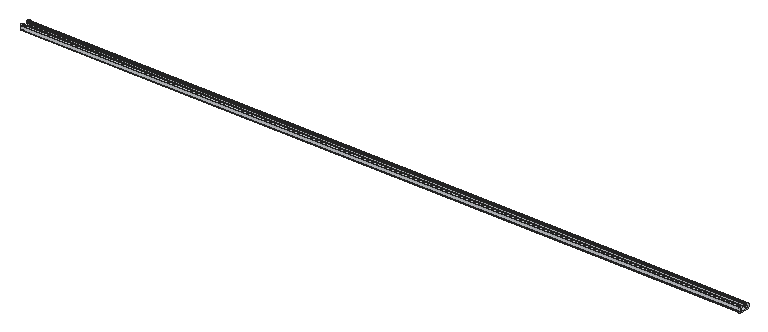
Revit family "Channel-Atkore-P3300_HS", category Specialty Equipment, Revit 2013
Parameters (values of type "P3300 HS")
  ecoScorecard_data = ""
  ecoScorecard Product Page = ""
  Weight Per Foot = 1.30 lbf/ft
  Unit = none
  URL = "http://unistrut.us/index.php"
  Subcategory = "1 5/8\" Channels"
  Product Page URL = "http://unistrut.us/index.php?WP=cat_detail&S=S05&P=P3300hs"
  Part Type = "Channel"  # constant formula
  Part Number = ""
  Overall Width = 1 5/8"  # constant formula
  Overall Height = 7/8"  # constant formula
  Model = "P3300 HS"  # constant formula
  Material = "Multiple Options - See Catalog"
  Manufacturer Toll Free Phone = "800-882-5543"  # constant formula
  Manufacturer Phone = "708-339-1610"  # constant formula
  Manufacturer Fax = "708-339-7814"  # constant formula
  Manufacturer Email = "mailto:jshaw@atkore.com"
  Manufacturer Address = "16100 South Lathrop Avenue, Harvey, IL 60426"  # constant formula
  Manufacturer = "Unistrut by Atkore International"  # constant formula
  Load Capacity Note = "Visit the product page for load application and capacity."  # constant formula
  Literature URL = "http://unistrut.us/index.php?WP=LItLibrary"
  Length [instance] = 120"
  Knockouts Spacing On Center = 1 7/8"
  Knockouts Spacing From End = 15/16"
  Hole Radius = Hole Diameter / 2  # 9/32"
  Hole Diameter = 9/16"  # constant formula
  Gauge Thickness = "12 Gauge (.105”)"  # constant formula
  Description = "P3300 HS Channel"  # constant formula
  Cost Info = "mailto:questions@atkore.com"
  Construction Note = "9⁄16\" Dia. Holes @ 1 7⁄8\" on Center"
  CSI MasterSpec = "http://www.unistrut.us/a_files/TechRef/Unistrut_CSI_05430.pdf"
  CAD URL = "http://unistrut.us/index.php?WP=CAD3d"
  Assembly Code = "D5020100"
  95 CSI = "16070"  # constant formula
  04 CSI = "26 05 48"  # constant formula
Reference planes (in)
  plane 1 "Center (Front/Back)": y = 0
  plane 2: z = 0
  plane 3 "Center (Left/Right)": x = 0
  plane 4: y = 0.8125
  plane 5: y = -0.8125
  plane 6: z = 0.875
  plane 7: x = -60
  plane 8: x = 60
  plane 9: z = 0.8125
Dimensions and locks (in)
  "Overall Width": plane 4 to plane 5
  equal spacing: plane 4, plane 1 "Center (Front/Back)", plane 5
  "Overall Height": plane 6 to level
  "Length": plane 7 to plane 8
  equal spacing: plane 7, plane 3 "Center (Left/Right)", plane 8
  aligned and locked: level to plane 2
  aligned and locked: plane 1 "Center (Front/Back)" to nested 1
  aligned and locked: plane 3 "Center (Left/Right)" to nested 1
Nested families (in)
  nested 1: "3300HS" at (0, 0, 0), type "3300HS"
    with Hole Radius 9/32"
Definition of nested family "3300HS"
  Parameters (values of type "3300HS")
    Width = 1 5/8"
    Unit = none
    Length = 120"
    Knockouts Spacing On Center = 1 7/8"
    Knockouts Spacing From End = 15/16"
    Hole Radius = 0.2815"
    Height = 7/8"
    # Of Array = (Length - Knockouts Spacing From End * 2) / Knockouts Spacing On Center  # 63
  Reference planes (in)
    plane 1 "Center (Front/Back)": y = 0
    plane 2: z = 0
    plane 3 "Center (Left/Right)": x = 0
    plane 4: z = 0.875
    plane 5: x = -60
    plane 6: x = 60
    plane 7: y = 0.8125
    plane 8: y = -0.8125
    plane 9: x = -59.0625
    plane 10: x = -57.1875
    plane 11: z = 0.40625
    plane 12: x = 59.0625
    plane 13: z = 0.105
  Forms (in)
    Sweep 1, solid, material <- "Unit", detail levels fine
      path origin (0, 0, 0) x (1, 0, 0) y (0, 1, 0)
        loop
          line (-60, 0) -> (60, 0)
      profile origin (0, 0, 0) x (0, 1, 0) y (0, 0, 1)
        loop
          line (-0.7075, 0.13625) -> (-0.7075, 0.67625)
          arc (-0.7075, 0.67625) -> (-0.68004, 0.74254) -> (-0.61375, 0.77) r 0.09375
          line (-0.61375, 0.77) -> (-0.57375, 0.77)
          arc (-0.57375, 0.77) -> (-0.55165, 0.76085) -> (-0.5425, 0.73875) r 0.03125
          line (-0.5425, 0.73875) -> (-0.5425, 0.6465)
          arc (-0.5425, 0.6465) -> (-0.49, 0.594) -> (-0.4375, 0.6465) r 0.0525
          line (-0.4375, 0.6465) -> (-0.4375, 0.73875)
          arc (-0.4375, 0.73875) -> (-0.47741, 0.83509) -> (-0.57375, 0.875) r 0.13625
          line (-0.57375, 0.875) -> (-0.61375, 0.875)
          arc (-0.61375, 0.875) -> (-0.75429, 0.81679) -> (-0.8125, 0.67625) r 0.19875
          line (-0.8125, 0.67625) -> (-0.8125, 0.13625)
          arc (-0.8125, 0.13625) -> (-0.77259, 0.03991) -> (-0.67625, 0) r 0.13625
          line (-0.67625, 0) -> (0.67625, 0)
          arc (0.67625, 0) -> (0.77259, 0.03991) -> (0.8125, 0.13625) r 0.13625
          line (0.8125, 0.13625) -> (0.8125, 0.67625)
          arc (0.8125, 0.67625) -> (0.75429, 0.81679) -> (0.61375, 0.875) r 0.19875
          line (0.61375, 0.875) -> (0.57375, 0.875)
          arc (0.57375, 0.875) -> (0.47741, 0.83509) -> (0.4375, 0.73875) r 0.13625
          line (0.4375, 0.73875) -> (0.4375, 0.6465)
          arc (0.4375, 0.6465) -> (0.49, 0.594) -> (0.5425, 0.6465) r 0.0525
          line (0.5425, 0.6465) -> (0.5425, 0.73875)
          arc (0.5425, 0.73875) -> (0.55165, 0.76085) -> (0.57375, 0.77) r 0.03125
          line (0.57375, 0.77) -> (0.61375, 0.77)
          arc (0.61375, 0.77) -> (0.68004, 0.74254) -> (0.7075, 0.67625) r 0.09375
          line (0.7075, 0.67625) -> (0.7075, 0.13625)
          arc (0.7075, 0.13625) -> (0.69835, 0.11415) -> (0.67625, 0.105) r 0.03125
          line (0.67625, 0.105) -> (-0.67625, 0.105)
          arc (-0.67625, 0.105) -> (-0.69835, 0.11415) -> (-0.7075, 0.13625) r 0.03125
    Extrusion 2, void
      sketch origin (-48, 0, 0) x (1, 0, 0) y (0, 1, 0)
        loop
          circle (-9.1875, 0) r 0.2815
      from 0 to 0.105
    Extrusion 3, void
      sketch origin (-49.875, 0, 0) x (1, 0, 0) y (0, 1, 0)
        loop
          circle (-9.1875, 0) r 0.2815
      from 0 to 0.105
    Extrusion 4, void
      sketch origin (-46.125, 0, 0) x (1, 0, 0) y (0, 1, 0)
        loop
          circle (-9.1875, 0) r 0.2815
      from 0 to 0.105
    Extrusion 5, void
      sketch origin (-44.25, 0, 0) x (1, 0, 0) y (0, 1, 0)
        loop
          circle (-9.1875, 0) r 0.2815
      from 0 to 0.105
    Extrusion 6, void
      sketch origin (-42.375, 0, 0) x (1, 0, 0) y (0, 1, 0)
        loop
          circle (-9.1875, 0) r 0.2815
      from 0 to 0.105
    Extrusion 7, void
      sketch origin (-40.5, 0, 0) x (1, 0, 0) y (0, 1, 0)
        loop
          circle (-9.1875, 0) r 0.2815
      from 0 to 0.105
    Extrusion 8, void
      sketch origin (-38.625, 0, 0) x (1, 0, 0) y (0, 1, 0)
        loop
          circle (-9.1875, 0) r 0.2815
      from 0 to 0.105
    Extrusion 9, void
      sketch origin (-36.75, 0, 0) x (1, 0, 0) y (0, 1, 0)
        loop
          circle (-9.1875, 0) r 0.2815
      from 0 to 0.105
    Extrusion 10, void
      sketch origin (-34.875, 0, 0) x (1, 0, 0) y (0, 1, 0)
        loop
          circle (-9.1875, 0) r 0.2815
      from 0 to 0.105
    Extrusion 11, void
      sketch origin (-33, 0, 0) x (1, 0, 0) y (0, 1, 0)
        loop
          circle (-9.1875, 0) r 0.2815
      from 0 to 0.105
    Extrusion 12, void
      sketch origin (-31.125, 0, 0) x (1, 0, 0) y (0, 1, 0)
        loop
          circle (-9.1875, 0) r 0.2815
      from 0 to 0.105
    Extrusion 13, void
      sketch origin (-29.25, 0, 0) x (1, 0, 0) y (0, 1, 0)
        loop
          circle (-9.1875, 0) r 0.2815
      from 0 to 0.105
    Extrusion 14, void
      sketch origin (0, 0, 0) x (1, 0, 0) y (0, 1, 0)
        loop
          circle (59.0625, 0) r 0.2815
      from 0 to 0.105
    Extrusion 15, void
      sketch origin (-27.375, 0, 0) x (1, 0, 0) y (0, 1, 0)
        loop
          circle (-9.1875, 0) r 0.2815
      from 0 to 0.105
    Extrusion 16, void
      sketch origin (-25.5, 0, 0) x (1, 0, 0) y (0, 1, 0)
        loop
          circle (-9.1875, 0) r 0.2815
      from 0 to 0.105
    Extrusion 17, void
      sketch origin (-23.625, 0, 0) x (1, 0, 0) y (0, 1, 0)
        loop
          circle (-9.1875, 0) r 0.2815
      from 0 to 0.105
    Extrusion 18, void
      sketch origin (-21.75, 0, 0) x (1, 0, 0) y (0, 1, 0)
        loop
          circle (-9.1875, 0) r 0.2815
      from 0 to 0.105
    Extrusion 19, void
      sketch origin (-19.875, 0, 0) x (1, 0, 0) y (0, 1, 0)
        loop
          circle (-9.1875, 0) r 0.2815
      from 0 to 0.105
    Extrusion 20, void
      sketch origin (-18, 0, 0) x (1, 0, 0) y (0, 1, 0)
        loop
          circle (-9.1875, 0) r 0.2815
      from 0 to 0.105
    Extrusion 21, void
      sketch origin (-16.125, 0, 0) x (1, 0, 0) y (0, 1, 0)
        loop
          circle (-9.1875, 0) r 0.2815
      from 0 to 0.105
    Extrusion 22, void
      sketch origin (-14.25, 0, 0) x (1, 0, 0) y (0, 1, 0)
        loop
          circle (-9.1875, 0) r 0.2815
      from 0 to 0.105
    Extrusion 23, void
      sketch origin (-12.375, 0, 0) x (1, 0, 0) y (0, 1, 0)
        loop
          circle (-9.1875, 0) r 0.2815
      from 0 to 0.105
    Extrusion 24, void
      sketch origin (-10.5, 0, 0) x (1, 0, 0) y (0, 1, 0)
        loop
          circle (-9.1875, 0) r 0.2815
      from 0 to 0.105
    Extrusion 25, void
      sketch origin (-8.625, 0, 0) x (1, 0, 0) y (0, 1, 0)
        loop
          circle (-9.1875, 0) r 0.2815
      from 0 to 0.105
    Extrusion 26, void
      sketch origin (-6.75, 0, 0) x (1, 0, 0) y (0, 1, 0)
        loop
          circle (-9.1875, 0) r 0.2815
      from 0 to 0.105
    Extrusion 27, void
      sketch origin (-4.875, 0, 0) x (1, 0, 0) y (0, 1, 0)
        loop
          circle (-9.1875, 0) r 0.2815
      from 0 to 0.105
    Extrusion 28, void
      sketch origin (-3, 0, 0) x (1, 0, 0) y (0, 1, 0)
        loop
          circle (-9.1875, 0) r 0.2815
      from 0 to 0.105
    Extrusion 29, void
      sketch origin (-1.125, 0, 0) x (1, 0, 0) y (0, 1, 0)
        loop
          circle (-9.1875, 0) r 0.2815
      from 0 to 0.105
    Extrusion 30, void
      sketch origin (0.75, 0, 0) x (1, 0, 0) y (0, 1, 0)
        loop
          circle (-9.1875, 0) r 0.2815
      from 0 to 0.105
    Extrusion 31, void
      sketch origin (2.625, 0, 0) x (1, 0, 0) y (0, 1, 0)
        loop
          circle (-9.1875, 0) r 0.2815
      from 0 to 0.105
    Extrusion 32, void
      sketch origin (4.5, 0, 0) x (1, 0, 0) y (0, 1, 0)
        loop
          circle (-9.1875, 0) r 0.2815
      from 0 to 0.105
    Extrusion 33, void
      sketch origin (6.375, 0, 0) x (1, 0, 0) y (0, 1, 0)
        loop
          circle (-9.1875, 0) r 0.2815
      from 0 to 0.105
    Extrusion 34, void
      sketch origin (8.25, 0, 0) x (1, 0, 0) y (0, 1, 0)
        loop
          circle (-9.1875, 0) r 0.2815
      from 0 to 0.105
    Extrusion 35, void
      sketch origin (10.125, 0, 0) x (1, 0, 0) y (0, 1, 0)
        loop
          circle (-9.1875, 0) r 0.2815
      from 0 to 0.105
    Extrusion 36, void
      sketch origin (12, 0, 0) x (1, 0, 0) y (0, 1, 0)
        loop
          circle (-9.1875, 0) r 0.2815
      from 0 to 0.105
    Extrusion 37, void
      sketch origin (13.875, 0, 0) x (1, 0, 0) y (0, 1, 0)
        loop
          circle (-9.1875, 0) r 0.2815
      from 0 to 0.105
    Extrusion 38, void
      sketch origin (15.75, 0, 0) x (1, 0, 0) y (0, 1, 0)
        loop
          circle (-9.1875, 0) r 0.2815
      from 0 to 0.105
    Extrusion 39, void
      sketch origin (17.625, 0, 0) x (1, 0, 0) y (0, 1, 0)
        loop
          circle (-9.1875, 0) r 0.2815
      from 0 to 0.105
    Extrusion 40, void
      sketch origin (19.5, 0, 0) x (1, 0, 0) y (0, 1, 0)
        loop
          circle (-9.1875, 0) r 0.2815
      from 0 to 0.105
    Extrusion 41, void
      sketch origin (21.375, 0, 0) x (1, 0, 0) y (0, 1, 0)
        loop
          circle (-9.1875, 0) r 0.2815
      from 0 to 0.105
    Extrusion 42, void
      sketch origin (23.25, 0, 0) x (1, 0, 0) y (0, 1, 0)
        loop
          circle (-9.1875, 0) r 0.2815
      from 0 to 0.105
    Extrusion 43, void
      sketch origin (25.125, 0, 0) x (1, 0, 0) y (0, 1, 0)
        loop
          circle (-9.1875, 0) r 0.2815
      from 0 to 0.105
    Extrusion 44, void
      sketch origin (27, 0, 0) x (1, 0, 0) y (0, 1, 0)
        loop
          circle (-9.1875, 0) r 0.2815
      from 0 to 0.105
    Extrusion 45, void
      sketch origin (28.875, 0, 0) x (1, 0, 0) y (0, 1, 0)
        loop
          circle (-9.1875, 0) r 0.2815
      from 0 to 0.105
    Extrusion 46, void
      sketch origin (30.75, 0, 0) x (1, 0, 0) y (0, 1, 0)
        loop
          circle (-9.1875, 0) r 0.2815
      from 0 to 0.105
    Extrusion 47, void
      sketch origin (32.625, 0, 0) x (1, 0, 0) y (0, 1, 0)
        loop
          circle (-9.1875, 0) r 0.2815
      from 0 to 0.105
    Extrusion 48, void
      sketch origin (34.5, 0, 0) x (1, 0, 0) y (0, 1, 0)
        loop
          circle (-9.1875, 0) r 0.2815
      from 0 to 0.105
    Extrusion 49, void
      sketch origin (36.375, 0, 0) x (1, 0, 0) y (0, 1, 0)
        loop
          circle (-9.1875, 0) r 0.2815
      from 0 to 0.105
    Extrusion 50, void
      sketch origin (38.25, 0, 0) x (1, 0, 0) y (0, 1, 0)
        loop
          circle (-9.1875, 0) r 0.2815
      from 0 to 0.105
    Extrusion 51, void
      sketch origin (40.125, 0, 0) x (1, 0, 0) y (0, 1, 0)
        loop
          circle (-9.1875, 0) r 0.2815
      from 0 to 0.105
    Extrusion 52, void
      sketch origin (42, 0, 0) x (1, 0, 0) y (0, 1, 0)
        loop
          circle (-9.1875, 0) r 0.2815
      from 0 to 0.105
    Extrusion 53, void
      sketch origin (43.875, 0, 0) x (1, 0, 0) y (0, 1, 0)
        loop
          circle (-9.1875, 0) r 0.2815
      from 0 to 0.105
    Extrusion 54, void
      sketch origin (45.75, 0, 0) x (1, 0, 0) y (0, 1, 0)
        loop
          circle (-9.1875, 0) r 0.2815
      from 0 to 0.105
    Extrusion 55, void
      sketch origin (47.625, 0, 0) x (1, 0, 0) y (0, 1, 0)
        loop
          circle (-9.1875, 0) r 0.2815
      from 0 to 0.105
    Extrusion 56, void
      sketch origin (49.5, 0, 0) x (1, 0, 0) y (0, 1, 0)
        loop
          circle (-9.1875, 0) r 0.2815
      from 0 to 0.105
    Extrusion 57, void
      sketch origin (51.375, 0, 0) x (1, 0, 0) y (0, 1, 0)
        loop
          circle (-9.1875, 0) r 0.2815
      from 0 to 0.105
    Extrusion 58, void
      sketch origin (53.25, 0, 0) x (1, 0, 0) y (0, 1, 0)
        loop
          circle (-9.1875, 0) r 0.2815
      from 0 to 0.105
    Extrusion 59, void
      sketch origin (55.125, 0, 0) x (1, 0, 0) y (0, 1, 0)
        loop
          circle (-9.1875, 0) r 0.2815
      from 0 to 0.105
    Extrusion 60, void
      sketch origin (57, 0, 0) x (1, 0, 0) y (0, 1, 0)
        loop
          circle (-9.1875, 0) r 0.2815
      from 0 to 0.105
    Extrusion 61, void
      sketch origin (58.875, 0, 0) x (1, 0, 0) y (0, 1, 0)
        loop
          circle (-9.1875, 0) r 0.2815
      from 0 to 0.105
    Extrusion 62, void
      sketch origin (60.75, 0, 0) x (1, 0, 0) y (0, 1, 0)
        loop
          circle (-9.1875, 0) r 0.2815
      from 0 to 0.105
    Extrusion 63, void
      sketch origin (62.625, 0, 0) x (1, 0, 0) y (0, 1, 0)
        loop
          circle (-9.1875, 0) r 0.2815
      from 0 to 0.105
    Extrusion 64, void
      sketch origin (64.5, 0, 0) x (1, 0, 0) y (0, 1, 0)
        loop
          circle (-9.1875, 0) r 0.2815
      from 0 to 0.105
    Extrusion 65, void
      sketch origin (66.375, 0, 0) x (1, 0, 0) y (0, 1, 0)
        loop
          circle (-9.1875, 0) r 0.2815
      from 0 to 0.105
  Cuts and joins
    Extrusion 2, Extrusion 3, Extrusion 4, Extrusion 5, Extrusion 6, Extrusion 7, Extrusion 8, Extrusion 9, Extrusion 10, Extrusion 11, Extrusion 12, Extrusion 13, Extrusion 14, Extrusion 15, Extrusion 16, Extrusion 17, Extrusion 18, Extrusion 19, Extrusion 20, Extrusion 21, Extrusion 22, Extrusion 23, Extrusion 24, Extrusion 25, Extrusion 26, Extrusion 27, Extrusion 28, Extrusion 29, Extrusion 30, Extrusion 31, Extrusion 32, Extrusion 33, Extrusion 34, Extrusion 35, Extrusion 36, Extrusion 37, Extrusion 38, Extrusion 39, Extrusion 40, Extrusion 41, Extrusion 42, Extrusion 43, Extrusion 44, Extrusion 45, Extrusion 46, Extrusion 47, Extrusion 48, Extrusion 49, Extrusion 50, Extrusion 51, Extrusion 52, Extrusion 53, Extrusion 54, Extrusion 55, Extrusion 56, Extrusion 57, Extrusion 58, Extrusion 59, Extrusion 60, Extrusion 61, Extrusion 62, Extrusion 63, Extrusion 64, Extrusion 65 cuts Sweep 1
  Lines and regions (in)
    symbolic lines, style "Channel"
      curve 1: line (-60, 0.8125, 0) -> (60, 0.8125, 0)
      curve 2: line (-60, -0.8125, 0) -> (-60, 0.8125, 0)
      curve 3: line (60, -0.8125, 0) -> (-60, -0.8125, 0)
      curve 4: line (60, 0.8125, 0) -> (60, -0.8125, 0)
    symbolic lines, style "Channel", detail levels fine
      curve 5: line (-60, 0.43915, 0) -> (60, 0.43915, 0)
      curve 6: line (-60, -0.4375, 0) -> (60, -0.4375, 0)
  Dimensions and locks (in)
    plane 4 to level = 7/8"
    equal spacing: plane 8, plane 1 "Center (Front/Back)", plane 7
    equal spacing: plane 5, plane 3 "Center (Left/Right)", plane 6
    "Length": plane 5 to plane 6
    "Knockouts Spacing From End": plane 5 to plane 9
    "Knockouts Spacing On Center": plane 9 to plane 10
    locked: plane 12 to plane 6 at 0.9375
    equal spacing: group 1, group 2, group 3, group 4, group 5, group 6, group 7, group 8, group 9, group 10, group 11, group 12, group 13, group 14, group 15, group 16, group 17, group 18, group 19, group 20, group 21, group 22, group 23, group 24, group 25, group 26, group 27, group 28, group 29, group 30, group 31, group 32, group 33, group 34, group 35, group 36, group 37, group 38, group 39, group 40, group 41, group 42, group 43, group 44, group 45, group 46, group 47, group 48, group 49, group 50, group 51, group 52, group 53, group 54, group 55, group 56, group 57, group 58, group 59, group 60, group 61, group 62, group 63  (x3)
    nested 65 to nested 13 = 1 7/8"
    aligned and locked: level to plane 2
    aligned and locked: plane 5 to Sweep 1 sketch curve
    aligned and locked: plane 6 to Sweep 1 sketch curve
    aligned and locked: plane 1 "Center (Front/Back)" to Sweep 1 sketch curve
    aligned and locked: curve 1 to Sweep 1
    aligned and locked: curve 3 to Sweep 1
    aligned and locked: curve 4 to Sweep 1
    aligned and locked: plane 6 to curve 5
    aligned and locked: plane 9 to nested 1
    aligned and locked: plane 1 "Center (Front/Back)" to nested 1
    aligned and locked: plane 1 "Center (Front/Back)" to nested 2
    aligned and locked: plane 10 to nested 2
    aligned and locked: plane 1 "Center (Front/Back)" to nested 13
    aligned and locked: plane 12 to nested 13
    aligned and locked: Extrusion 3 to cut or joined group 1 (Sweep 1, Extrusion 2, Extrusion 3, Extrusion 4, Extrusion 5, Extrusion 6, Extrusion 7, Extrusion 8, Extrusion 9, Extrusion 10, Extrusion 11, Extrusion 12, Extrusion 13, Extrusion 14, Extrusion 15, Extrusion 16, Extrusion 17, Extrusion 18, Extrusion 19, Extrusion 20, Extrusion 21, Extrusion 22, Extrusion 23, Extrusion 24, Extrusion 25, Extrusion 26, Extrusion 27, Extrusion 28, Extrusion 29, Extrusion 30, Extrusion 31, Extrusion 32, Extrusion 33, Extrusion 34, Extrusion 35, Extrusion 36, Extrusion 37, Extrusion 38, Extrusion 39, Extrusion 40, Extrusion 41, Extrusion 42, Extrusion 43, Extrusion 44, Extrusion 45, Extrusion 46, Extrusion 47, Extrusion 48, Extrusion 49, Extrusion 50, Extrusion 51, Extrusion 52, Extrusion 53, Extrusion 54, Extrusion 55, Extrusion 56, Extrusion 57, Extrusion 58, Extrusion 59, Extrusion 60, Extrusion 61, Extrusion 62, Extrusion 63, Extrusion 64, Extrusion 65)
    aligned and locked: cut or joined group 1 to Extrusion 3
    aligned and locked: Extrusion 14 to cut or joined group 1
    aligned and locked: cut or joined group 1 to Extrusion 14
    aligned and locked: plane 3 "Center (Left/Right)" to nested 14
    aligned and locked: plane 1 "Center (Front/Back)" to nested 14
  Automatic sketch dimensions
    Sweep 1 sketch curve to Sweep 1 sketch curve = 0"  (x12)
    Sweep 1 sketch curve to level = 0"
    profile plane to Sweep 1 sketch curve = 13/16"
    Sweep 1 sketch curve to Sweep 1 sketch curve = 0.105"
    Sweep 1 sketch curve to Sweep 1 sketch curve = 1/32"  (x3)
    Sweep 1 sketch curve to Sweep 1 sketch curve = 3/32"
    Sweep 1 sketch curve to Sweep 1 sketch curve = 0.04"  (x2)
    Sweep 1 sketch curve to profile plane = 7/16"
    level to Sweep 1 sketch curve = 0.13625"
    Sweep 1 sketch curve to Sweep 1 sketch curve = 0.13375"
    Sweep 1 sketch curve to Sweep 1 sketch curve = 0.51025"  (x2)
    Sweep 1 sketch curve to Sweep 1 sketch curve = 0.02975"  (x2)
    curve 6 to plane 5 = 0"
    curve 6 to plane 8 = 3/8"
    curve 5 to curve 1 = 0.37335"
    Extrusion 14 sketch curve to Extrusion 14 sketch curve = 0"  (x2)
    plane 1 "Center (Front/Back)" to Extrusion 14 sketch curve = 0"
    Extrusion 14 sketch curve to plane 12 = 0"
    Extrusion 14 sketch curve to Extrusion 14 sketch curve = 0.2815"
    radius of Extrusion 13 sketch curve = 0.2815"
    radius of Extrusion 3 sketch curve = 0.2815"
    radius of Extrusion 2 sketch curve = 0.2815"
    radius of Extrusion 4 sketch curve = 0.2815"
    radius of Extrusion 5 sketch curve = 0.2815"
    radius of Extrusion 6 sketch curve = 0.2815"
    radius of Extrusion 7 sketch curve = 0.2815"
    radius of Extrusion 8 sketch curve = 0.2815"
    radius of Extrusion 9 sketch curve = 0.2815"
    radius of Extrusion 10 sketch curve = 0.2815"
    radius of Extrusion 11 sketch curve = 0.2815"
    radius of Extrusion 12 sketch curve = 0.2815"
    radius of Extrusion 15 sketch curve = 0.2815"
    radius of Extrusion 16 sketch curve = 0.2815"
    radius of Extrusion 17 sketch curve = 0.2815"
    radius of Extrusion 18 sketch curve = 0.2815"
    radius of Extrusion 19 sketch curve = 0.2815"
    radius of Extrusion 20 sketch curve = 0.2815"
    radius of Extrusion 21 sketch curve = 0.2815"
    radius of Extrusion 22 sketch curve = 0.2815"
    radius of Extrusion 23 sketch curve = 0.2815"
    radius of Extrusion 24 sketch curve = 0.2815"
    radius of Extrusion 25 sketch curve = 0.2815"
    radius of Extrusion 26 sketch curve = 0.2815"
    radius of Extrusion 27 sketch curve = 0.2815"
    radius of Extrusion 28 sketch curve = 0.2815"
    radius of Extrusion 29 sketch curve = 0.2815"
    radius of Extrusion 30 sketch curve = 0.2815"
    radius of Extrusion 31 sketch curve = 0.2815"
    radius of Extrusion 32 sketch curve = 0.2815"
    radius of Extrusion 33 sketch curve = 0.2815"
    radius of Extrusion 34 sketch curve = 0.2815"
    radius of Extrusion 35 sketch curve = 0.2815"
    radius of Extrusion 36 sketch curve = 0.2815"
    radius of Extrusion 37 sketch curve = 0.2815"
    radius of Extrusion 38 sketch curve = 0.2815"
    radius of Extrusion 39 sketch curve = 0.2815"
    radius of Extrusion 40 sketch curve = 0.2815"
    radius of Extrusion 41 sketch curve = 0.2815"
    radius of Extrusion 42 sketch curve = 0.2815"
    radius of Extrusion 43 sketch curve = 0.2815"
    radius of Extrusion 44 sketch curve = 0.2815"
    radius of Extrusion 45 sketch curve = 0.2815"
    radius of Extrusion 46 sketch curve = 0.2815"
    radius of Extrusion 47 sketch curve = 0.2815"
    radius of Extrusion 48 sketch curve = 0.2815"
    radius of Extrusion 49 sketch curve = 0.2815"
    radius of Extrusion 50 sketch curve = 0.2815"
    radius of Extrusion 51 sketch curve = 0.2815"
    radius of Extrusion 52 sketch curve = 0.2815"
    radius of Extrusion 53 sketch curve = 0.2815"
    radius of Extrusion 54 sketch curve = 0.2815"
    radius of Extrusion 55 sketch curve = 0.2815"
    radius of Extrusion 56 sketch curve = 0.2815"
    radius of Extrusion 57 sketch curve = 0.2815"
    radius of Extrusion 58 sketch curve = 0.2815"
    radius of Extrusion 59 sketch curve = 0.2815"
    radius of Extrusion 60 sketch curve = 0.2815"
    radius of Extrusion 61 sketch curve = 0.2815"
    radius of Extrusion 62 sketch curve = 0.2815"
    radius of Extrusion 63 sketch curve = 0.2815"
    radius of Extrusion 64 sketch curve = 0.2815"
    radius of Extrusion 65 sketch curve = 0.2815"
  Nested families (in)
    nested 1: "Family1" at (-59.0625, 0, 0.105), type "Family1", detail levels fine
    nested 2: "Family1" at (-57.1875, 0, 0.105), type "Family1", detail levels fine
    nested 3: "Family1" at (-55.3125, 0, 0.105), type "Family1", detail levels fine
    nested 4: "Family1" at (-53.4375, 0, 0.105), type "Family1", detail levels fine
    nested 5: "Family1" at (-51.5625, 0, 0.105), type "Family1", detail levels fine
    nested 6: "Family1" at (-49.6875, 0, 0.105), type "Family1", detail levels fine
    nested 7: "Family1" at (-47.8125, 0, 0.105), type "Family1", detail levels fine
    nested 8: "Family1" at (-45.9375, 0, 0.105), type "Family1", detail levels fine
    nested 9: "Family1" at (-44.0625, 0, 0.105), type "Family1", detail levels fine
    nested 10: "Family1" at (-42.1875, 0, 0.105), type "Family1", detail levels fine
    nested 11: "Family1" at (-40.3125, 0, 0.105), type "Family1", detail levels fine
    nested 12: "Family1" at (-38.4375, 0, 0.105), type "Family1", detail levels fine
    nested 13: "Family1" at (59.0625, 0, 0.105), type "Family1", detail levels fine
    nested 14: "HS Coarse" at (0, 0, 0), type "HS Coarse", detail levels coarse+medium
      with Length 120"
    nested 15: "Family1" at (-36.5625, 0, 0.105), type "Family1", detail levels fine
    nested 16: "Family1" at (-34.6875, 0, 0.105), type "Family1", detail levels fine
    nested 17: "Family1" at (-32.8125, 0, 0.105), type "Family1", detail levels fine
    nested 18: "Family1" at (-30.9375, 0, 0.105), type "Family1", detail levels fine
    nested 19: "Family1" at (-29.0625, 0, 0.105), type "Family1", detail levels fine
    nested 20: "Family1" at (-27.1875, 0, 0.105), type "Family1", detail levels fine
    nested 21: "Family1" at (-25.3125, 0, 0.105), type "Family1", detail levels fine
    nested 22: "Family1" at (-23.4375, 0, 0.105), type "Family1", detail levels fine
    nested 23: "Family1" at (-21.5625, 0, 0.105), type "Family1", detail levels fine
    nested 24: "Family1" at (-19.6875, 0, 0.105), type "Family1", detail levels fine
    nested 25: "Family1" at (-17.8125, 0, 0.105), type "Family1", detail levels fine
    nested 26: "Family1" at (-15.9375, 0, 0.105), type "Family1", detail levels fine
    nested 27: "Family1" at (-14.0625, 0, 0.105), type "Family1", detail levels fine
    nested 28: "Family1" at (-12.1875, 0, 0.105), type "Family1", detail levels fine
    nested 29: "Family1" at (-10.3125, 0, 0.105), type "Family1", detail levels fine
    nested 30: "Family1" at (-8.4375, 0, 0.105), type "Family1", detail levels fine
    nested 31: "Family1" at (-6.5625, 0, 0.105), type "Family1", detail levels fine
    nested 32: "Family1" at (-4.6875, 0, 0.105), type "Family1", detail levels fine
    nested 33: "Family1" at (-2.8125, 0, 0.105), type "Family1", detail levels fine
    nested 34: "Family1" at (-0.9375, 0, 0.105), type "Family1", detail levels fine
    nested 35: "Family1" at (0.9375, 0, 0.105), type "Family1", detail levels fine
    nested 36: "Family1" at (2.8125, 0, 0.105), type "Family1", detail levels fine
    nested 37: "Family1" at (4.6875, 0, 0.105), type "Family1", detail levels fine
    nested 38: "Family1" at (6.5625, 0, 0.105), type "Family1", detail levels fine
    nested 39: "Family1" at (8.4375, 0, 0.105), type "Family1", detail levels fine
    nested 40: "Family1" at (10.3125, 0, 0.105), type "Family1", detail levels fine
    nested 41: "Family1" at (12.1875, 0, 0.105), type "Family1", detail levels fine
    nested 42: "Family1" at (14.0625, 0, 0.105), type "Family1", detail levels fine
    nested 43: "Family1" at (15.9375, 0, 0.105), type "Family1", detail levels fine
    nested 44: "Family1" at (17.8125, 0, 0.105), type "Family1", detail levels fine
    nested 45: "Family1" at (19.6875, 0, 0.105), type "Family1", detail levels fine
    nested 46: "Family1" at (21.5625, 0, 0.105), type "Family1", detail levels fine
    nested 47: "Family1" at (23.4375, 0, 0.105), type "Family1", detail levels fine
    nested 48: "Family1" at (25.3125, 0, 0.105), type "Family1", detail levels fine
    nested 49: "Family1" at (27.1875, 0, 0.105), type "Family1", detail levels fine
    nested 50: "Family1" at (29.0625, 0, 0.105), type "Family1", detail levels fine
    nested 51: "Family1" at (30.9375, 0, 0.105), type "Family1", detail levels fine
    nested 52: "Family1" at (32.8125, 0, 0.105), type "Family1", detail levels fine
    nested 53: "Family1" at (34.6875, 0, 0.105), type "Family1", detail levels fine
    nested 54: "Family1" at (36.5625, 0, 0.105), type "Family1", detail levels fine
    nested 55: "Family1" at (38.4375, 0, 0.105), type "Family1", detail levels fine
    nested 56: "Family1" at (40.3125, 0, 0.105), type "Family1", detail levels fine
    nested 57: "Family1" at (42.1875, 0, 0.105), type "Family1", detail levels fine
    nested 58: "Family1" at (44.0625, 0, 0.105), type "Family1", detail levels fine
    nested 59: "Family1" at (45.9375, 0, 0.105), type "Family1", detail levels fine
    nested 60: "Family1" at (47.8125, 0, 0.105), type "Family1", detail levels fine
    nested 61: "Family1" at (49.6875, 0, 0.105), type "Family1", detail levels fine
    nested 62: "Family1" at (51.5625, 0, 0.105), type "Family1", detail levels fine
    nested 63: "Family1" at (53.4375, 0, 0.105), type "Family1", detail levels fine
    nested 64: "Family1" at (55.3125, 0, 0.105), type "Family1", detail levels fine
    nested 65: "Family1" at (57.1875, 0, 0.105), type "Family1", detail levels fine
  Definition of nested family "HS Coarse"
    Parameters (values of type "HS Corse")
      Width = 1 5/8"
      Unit = none
      Length = 24"
      Hole Radius = 0.2815"
      Height = 7/8"
    Reference planes (in)
      plane 1 "Center (Front/Back)": y = 0
      plane 2: z = 0
      plane 3 "Center (Left/Right)": x = 0
      plane 4: z = 0.875
      plane 5: x = -12
      plane 6: x = 12
      plane 7: y = 0.8125
      plane 8: y = -0.8125
      plane 9: x = -11.125
      plane 10: x = -9.25
      plane 11: z = 0.40625
    Forms (in)
      Sweep 1, solid, material <- "Unit"
        path origin (0, 0, 0) x (1, 0, 0) y (0, 1, 0)
          loop
            line (-12, 0) -> (12, 0)
        profile origin (0, 0, 0) x (0, 1, 0) y (0, 0, 1)
          loop
            line (-0.8125, 0.875) -> (-0.8125, 0) -> (0.8125, 0) -> (0.8125, 0.875) -> (-0.8125, 0.875)
    Dimensions and locks (in)
      plane 4 to level = 7/8"
      equal spacing: plane 8, plane 1 "Center (Front/Back)", plane 7
      equal spacing: plane 5, plane 3 "Center (Left/Right)", plane 6
      "Length": plane 5 to plane 6
      plane 5 to plane 9 = 7/8"
      plane 9 to plane 10 = 1 7/8"
      aligned and locked: level to plane 2
      aligned and locked: plane 6 to Sweep 1 sketch curve
      aligned and locked: plane 5 to Sweep 1 sketch curve
      aligned and locked: plane 1 "Center (Front/Back)" to Sweep 1 sketch curve
    Automatic sketch dimensions
      Sweep 1 sketch curve to level = 0"
      profile plane to Sweep 1 sketch curve = 13/16"
      Sweep 1 sketch curve to profile plane = 13/16"
      Sweep 1 sketch curve to Sweep 1 sketch curve = 7/8"
  Definition of nested family "Family1"
    Parameters (values of type "Family1")
      Hole Radius = Hole Dia / 2  # 0.2815"
      Hole Dia = 0.56299"
      Default Elevation = 48"
    Reference planes (in)
      plane 1 "Center (Front/Back)": y = 0
      plane 2: z = 0
      plane 3 "Center (Left/Right)": x = 0
    Lines and regions (in)
      model lines, style "Channel"
        curve 1: circle (0, 0, 0) r 0.2815 normal (0, 0, 1)
    Dimensions and locks (in)
      "Hole Radius": radius of curve 1
      aligned and locked: level to plane 2
      aligned and locked: plane 3 "Center (Left/Right)" to curve 1
      aligned and locked: plane 1 "Center (Front/Back)" to curve 1
